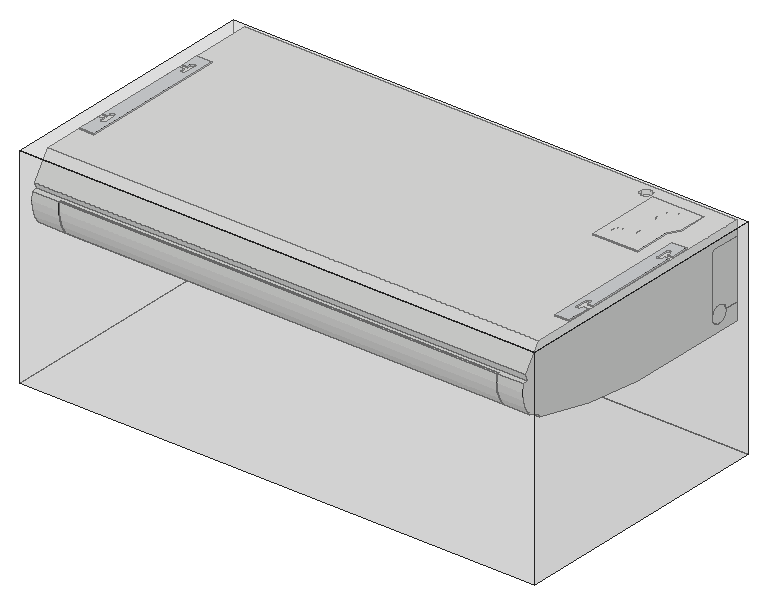
Revit family "outputfile", category 機械設備, Revit 2024
Family settings
  丸型コネクタ寸法 = 半径を使用
  パーツ タイプ = 標準
  OmniClass 番号 = 23.75.10.24.21.27.27
  OmniClass タイトル = Split System Air Conditioning Units
  作業面ベース = いいえ
  常に垂直 = はい
  ロード時にボイドで切り取り = いいえ
  注釈の向きを維持 = いいえ
  共有 = いいえ
  部屋計算ポイント = はい
Parameters (values of type "FHA71DVMG")
  製造元 = "Daikin"
  書き出し IFC クラス(タイプ) = "IfcUnitaryEquipmentType"
  定義済み IFC タイプ(タイプ) = "AIRCONDITIONINGUNIT"
  モデル = "FHA71DVMG"
  switch_frequency = yes
  r_Liquid Pipe Size = Liquid Pipe Size / 2  # 4.75 mm
  r_Gas Pipe Size = Gas Pipe Size / 2  # 7.95 mm
  r_Drain Pipe Size = Drain Pipe Size / 2  # 10.0 mm
  l_powersupply [instance] = if(Rear Right Connection_powersupply, 29.0 mm, 175.0 mm)  # 29.0 mm
  h_mountinghole = 2.0 mm
  connector_voltage = Voltage_50Hz  # 230 V
  connector_powerinput = [Power Input (Cooling)]  # 1.610 kW
  connector_phase = Phase_50Hz  # 1
  angle_vertical_powersupply [instance] = if(Rear Right Connection_powersupply, 90.00°, 180.00°)  # 90.00°
  angle_vertical_drainpipe [instance] = if(or(Left Connection_drainpipe, Right Connection_drainpipe), 90.00°, if(Top Connection_drainpipe, 180.00°, -90.00°))  # -90.00°
  angle_horizontal_powersupply [instance] = if(Rear Right Connection_powersupply, 180.00°, 0.00°)  # 180.00°
  angle_horizontal_drainpipe [instance] = if(Right Connection_drainpipe, 90.00°, if(Left Connection_drainpipe, -90.00°, 0.00°))  # 0.00°
  Voltage_comment_60Hz = "220-230"
  Voltage_comment_50Hz = "220-240"
  Voltage_60Hz = 220 V
  Voltage_50Hz = 230 V
  Top Connection_refrigerant [instance] = no
  Top Connection_powersupply [instance] = not(Rear Right Connection_powersupply)  # no
  Right Connection_refrigerant [instance] = no
  Rear Right Connection_refrigerant [instance] = yes
  Phase_60Hz = 1
  Phase_50Hz = 1
  Material_Casing = DAIKIN_White_Casing_indoorunit
  lw_powersupply [instance] = if(Rear Right Connection_powersupply, 220.0 mm, 210.0 mm)  # 220.0 mm
  lw_mountinghole_pitch = Width - 40.0 mm  # 1230.0 mm
  lw_mountinghole = 20.0 mm
  lw_liquidpipe [instance] = if(Right Connection_refrigerant, 156.0 mm, if(Top Connection_refrigerant, 156.0 mm, 136.0 mm))  # 136.0 mm
  lw_gaspipe = 105.0 mm
  lw_drainpipe [instance] = if(Top Connection_drainpipe, 102.0 mm, if(Width = 960.0 mm, if(or(Left Connection_drainpipe, Rear Left Connection_drainpipe), 884.0 mm, 83.0 mm), if(Width = 1270.0 mm, if(or(Left Connection_drainpipe, Rear Left Connection_drainpipe), 1194.0 mm, 83.0 mm), if(Width = 1590.0 mm, if(or(Left Connection_drainpipe, Rear Left Connection_drainpipe), 1514.0 mm, 83.0 mm), 83.0 mm))))  # 83.0 mm
  lh_powersupply = 175.0 mm
  lh_liquidpipe [instance] = if(Rear Right Connection_refrigerant, 160.0 mm, 131.0 mm)  # 160.0 mm
  lh_gaspipe [instance] = if(Rear Right Connection_refrigerant, 150.0 mm, 91.0 mm)  # 150.0 mm
  lh_drainpipe = 197.0 mm
  l_antena = 1.0 mm
  ld_powersupply = 30.0 mm
  ld_mountinghole_pitch = 260.0 mm
  ld_mountinghole = 210.0 mm
  ld_liquidpipe [instance] = if(Right Connection_refrigerant, 57.0 mm, if(Top Connection_refrigerant, 189.0 mm, 221.0 mm))  # 221.0 mm
  ld_gaspipe [instance] = if(Right Connection_refrigerant, 57.0 mm, if(Top Connection_refrigerant, 163.0 mm, 214.0 mm))  # 214.0 mm
  ld_drainpipe [instance] = if(or(Left Connection_drainpipe, Right Connection_drainpipe), 57.0 mm, if(Top Connection_drainpipe, 87.0 mm, 268.0 mm))  # 268.0 mm
  l_liquidpipe_length [instance] = if(Right Connection_refrigerant, 156.0 mm, if(Top Connection_refrigerant, 131.0 mm, 220.0 mm))  # 220.0 mm
  l_gaspipe_length [instance] = if(Right Connection_refrigerant, 105.0 mm, if(Top Connection_refrigerant, 91.0 mm, 213.0 mm))  # 213.0 mm
  l_drainpipe_length [instance] = if(Right Connection_drainpipe, 83.0 mm, if(Top Connection_drainpipe, 197.0 mm, if(Left Connection_drainpipe, 76.0 mm, 267.0 mm)))  # 267.0 mm
  h*** = 0.0 mm
  angle_vertical [instance] = if(Right Connection_refrigerant, 90.00°, if(Top Connection_refrigerant, 180.00°, -90.00°))  # -90.00°
  angle_horizontal [instance] = if(Right Connection_refrigerant, 90.00°, 0.00°)  # 0.00°
  Width = 1270.0 mm
  Version = "ver.1.0"
  Unit Type = "Ceiling"
  Unit Mass Weight = 32.00 kg
  Unit Designation [instance] = ""
  Uniclass2015Version = "Products v1.30"
  Uniclass2015Title = "Split coil room air conditioning units"
  Uniclass2015Code = "Pr_70_65_03_86"
  Total Cooling Capacity [instance] = 0.000 kW
  Top Connection_drainpipe [instance] = no
  Sound Pressure Level_M speed (dBA) = 36
  Sound Pressure Level_L speed (dBA) = 34
  Sound Pressure Level_H speed (dBA) = 38
  Series = "SkyAir_Fan Coil Unit"
  Sensible Cooling Capacity [instance] = 0.000 kW
  Rear Right Connection_drainpipe [instance] = yes
  Rear Right Connection_powersupply [instance] = yes
  Right Connection_drainpipe [instance] = no
  Refrigerant Type = "R32"
  Power Input (Cooling) = 1.610 kW
  Option Accessory 3 [instance] = ""
  Option Accessory 2 [instance] = ""
  Option Accessory 1 [instance] = ""
  Nominal Cooling Capacity = 6.600 kW
  Minimum Airflow = 840.00 m³/h
  Median Airflow = 1020.00 m³/h
  Maximum Airflow = 1230.00 m³/h
  Load Classification = HVAC
  Liquid Pipe Size = 9.5 mm
  Link_Nested Family [instance] = ""
  Rear Left Connection_drainpipe [instance] = no
  Left Connection_drainpipe [instance] = no
  IfcVersion = ""
  IfcExportType = "AIRCONDITIONINGUNIT"
  IfcExportAs = "IfcUnitaryEquipmentType"
  Height = 235.0 mm
  Heat Exchanger Type = "Cross Fin Coil"
  Gas Pipe Size = 15.9 mm
  Frequency_60Hz = 60 Hz
  Frequency_50Hz = 50 Hz
  Fan Type = "Sirocco Fan"
  Fan Drive = "Direct Drive"
  FCU Tag No. [instance] = ""
  Drain Pipe Size = 20.0 mm
  Design Supply Airflow [instance] = 0.00 m³/h
  Design Outdoor Airflow [instance] = 0.00 m³/h
  Depth = 690.0 mm
  既定の高さ = 0.0 mm
  Cooling Entering Wet Bulb Temperature [instance] = 0.00 °C
  Cooling Entering Dry Bulb Temperature [instance] = 0.00 °C
  Cooling Ambient Wet Bulb Temperature [instance] = 0.00 °C
  Cooling Ambient Dry Bulb Temperature [instance] = 0.00 °C
  Clearance visibility [instance] = yes
  Clearance Top = 5.0 mm
  Clearance Right = 30.0 mm
  Clearance Rear = 0.0 mm
  Clearance Left = 30.0 mm
  Clearance Front = 0.0 mm
  Clearance Bottom = 300.0 mm
Reference planes
  plane 1 "Back": y = 0
  plane 2: z = 0
  plane 3 "Center (Left/Right)": x = 0
  plane 4 "Center (Front/Back)": y = -1
  plane 5 "Front": y = -690
  plane 6 "Left": x = -635
  plane 7 "Right": x = 635
  plane 8 "Top": z = 0
  plane 9 "Bottom": z = -235
  plane 10: y = -690
  plane 11: x = -665
  plane 12: x = 665
  plane 13: z = 5
  plane 14: z = -535
  plane 15: y = 0
  plane 16 "lw_mountinghole": x = -615
  plane 17 "lw_mountinghole2": x = 615
  plane 18 "ld_mountinghole": y = -210
  plane 19 "ld_mountinghole2": y = -470
  plane 20 "lw_gaspipe": x = 530
  plane 21 "ld_gaspipe": y = -214
  plane 22 "lh_gaspipe": z = -150
  plane 23 "lw_liquidpipe": x = 499
  plane 24 "ld_liquidpipe": y = -221
  plane 25 "lh_liquidpipe": z = -160
  plane 26 "ld_drainpipe": y = -268
  plane 27 "lw_drainpipe": x = 552
  plane 28 "lh_drainpipe": z = -197
  plane 29 "lw_powersupply": x = 415
  plane 30 "lh_powersupply": z = -175
  plane 31 "ld_powersupply": y = -30
  plane 32: x = -565.5
  plane 33: x = 565.5
  plane 34: x = -590
  plane 35: x = 590
  plane 36: x = -2
  plane 37: x = 2
Forms (mm)
  Extrusion 1, solid, material "DAIKIN_White_Casing_indoorunit" <- "Material_Casing"
    sketch origin (0, 0, 0) x (0, 1, 0) y (0, 0, 1)
      loop
        line (-639.277, 0) -> (-680.876, -61.699) -> (-675.026, -77.772)
        arc (-675.026, -77.772) -> (-681.815, -78.743) -> (-688.601, -79.732) r 2634.132
        arc (-688.601, -79.732) -> (-687.018, -121.096) -> (-669.159, -158.439) r 102.2
        line (-669.159, -158.439) -> (-639.858, -169.325) -> (-635.895, -178.261)
        arc (-635.895, -178.261) -> (-479.121, -215.759) -> (-319.077, -235) r 1400.997
        line (-319.077, -235) -> (-1, -235) -> (-1, 0) -> (-639.277, 0)
    from -635 to 635
  Extrusion 2, solid, material "DAIKIN_White_Casing_indoorunit" <- "Material_Casing"
    sketch origin (0, 0, 0) x (0, 1, 0) y (0, 0, 1)
      loop
        arc (-688.601, -79.732) -> (-687.018, -121.096) -> (-669.159, -158.439) r 102.2
        line (-669.159, -158.439) -> (-665.589, -154.869)
        arc (-665.589, -154.869) -> (-682.432, -118.783) -> (-683.39, -78.971) r 97.2
        arc (-683.39, -78.971) -> (-685.996, -79.351) -> (-688.601, -79.732) r 2634.132
    from -565.5 to 565.5
  Extrusion 3, void
    sketch origin (0, 0, 0) x (0, 1, 0) y (0, 0, 1)
      loop
        line (-301.098, -235) -> (-21.098, -235) -> (-21.098, -230) -> (-301.098, -230) -> (-301.098, -235)
    from -590 to 590
  Extrusion 4, solid, material "DAIKIN_White_Grille_indoorunit"
    sketch origin (0, 0, 0) x (0, 1, 0) y (0, 0, 1)
      loop
        line (-20.098, -230) -> (-301.098, -230) -> (-301.098, -235) -> (-20.098, -235) -> (-20.098, -230)
    from -590 to -2
  Extrusion 5, solid, material "DAIKIN_White_Casing_indoorunit" <- "Material_Casing"
    sketch origin (0, 0, 0) x (1, 0, 0) y (0, 0, 1)
      loop
        line (442, -63) -> (442, -178) -> (513, -220) -> (576, -220) -> (576, -63) -> (442, -63)
    from 0 to 1
  Extrusion 6, solid, material "DAIKIN_White_Casing_indoorunit" <- "Material_Casing"
    sketch origin (0, 0, 0) x (-1, 0, 0) y (0, -1, 0)
      loop
        line (-447, 35) -> (-447, 230) -> (-563, 230) -> (-563, 135) -> (-578, 105) -> (-578, 35) -> (-447, 35)
    from 0 to 1.9
  Extrusion 7, void
    sketch origin (635, 0, 0) x (0, 1, 0) y (0, 0, 1)
      loop
        arc (-79.5, -195) -> (-55.446, -217.446) -> (-34.715, -191.9) r 22.5
        line (-34.715, -191.9) -> (-1, -191.9) -> (-1, -190.1) -> (-35.04, -190.1)
        arc (-35.04, -190.1) -> (-54.942, -172.594) -> (-77.7, -186.182) r 22.5
        line (-77.7, -186.182) -> (-77.7, -43)
        arc (-77.7, -43) -> (-76.528, -40.172) -> (-73.7, -39) r 4
        line (-73.7, -39) -> (-1, -39) -> (-1, -37.2) -> (-73.7, -37.2)
        arc (-73.7, -37.2) -> (-77.801, -38.899) -> (-79.5, -43) r 5.8
        line (-79.5, -43) -> (-79.5, -195)
      loop
        circle (-57, -195) r 20.7
    from 0 to -10
  Extrusion 8, void
    sketch origin (-1444.026, -1, 1200) x (1, 0, 0) y (0, 0, 1)
      loop
        arc (875.026, -1375) -> (864.42, -1379.393) -> (860.026, -1390) r 15
        line (860.026, -1390) -> (860.026, -1400)
        arc (860.026, -1400) -> (864.42, -1410.607) -> (875.026, -1415) r 15
        line (875.026, -1415) -> (905.026, -1415)
        arc (905.026, -1415) -> (915.633, -1410.607) -> (920.026, -1400) r 15
        line (920.026, -1400) -> (920.026, -1390)
        arc (920.026, -1390) -> (915.633, -1379.393) -> (905.026, -1375) r 15
        line (905.026, -1375) -> (875.026, -1375)
    from 0 to 10
  Extrusion 9, void
    sketch origin (-635, 0, 0) x (0, 1, 0) y (0, 0, 1)
      loop
        circle (-57, -197) r 22.5
    from 0 to 10
  Extrusion 10, void
    sketch origin (-1444.026, -1, 1200) x (1, 0, 0) y (0, 0, 1)
      loop
        circle (1976.026, -1375) r 44
    from 0 to 10
  Extrusion 11, void
    sketch origin (0, 0, 0) x (-1, 0, 0) y (0, -1, 0)
      loop
        circle (-533, 87) r 30
    from 0 to -10
  Extrusion 12, void
    sketch origin (0, 0, 0) x (-1, 0, 0) y (0, -1, 0)
      loop
        circle (-530, 163) r 18
    from 0 to -10
  Extrusion 13, void
    sketch origin (0, 0, 0) x (-1, 0, 0) y (0, -1, 0)
      loop
        circle (-479, 189) r 13
    from 0 to -10
  Extrusion 14, void
    sketch origin (-1444.026, -1, 1200) x (1, 0, 0) y (0, 0, 1)
      loop
        circle (1859.026, -1375) r 14.5
    from 0 to 10
  Extrusion 15, void
    sketch origin (0, 0, 0) x (-1, 0, 0) y (0, -1, 0)
      loop
        circle (-425, 30) r 14.5
    from 0 to -10
  Extrusion 16, void
    sketch origin (635, 0, 0) x (0, 1, 0) y (0, 0, 1)
      loop
        arc (-665.589, -154.869) -> (-682.432, -118.783) -> (-683.39, -78.971) r 97.2
        arc (-683.39, -78.971) -> (-685.996, -79.351) -> (-688.601, -79.732) r 2634.132
        arc (-688.601, -79.732) -> (-687.018, -121.096) -> (-669.159, -158.439) r 102.2
        line (-669.159, -158.439) -> (-665.589, -154.869)
    from -69.5 to -1200.5
  Extrusion 17, solid, material "DAIKIN_White_Casing_indoorunit" <- "Material_Casing"
    sketch origin (-635, 0, 0) x (0, 1, 0) y (0, 0, 1)
      loop
        circle (-57, -197) r 22.5
    from 0 to 10
  Extrusion 18, solid, material "DAIKIN_White_Grille_indoorunit"
    sketch origin (780, 0, 0) x (0, 1, 0) y (0, 0, 1)
      loop
        line (-20.098, -230) -> (-301.098, -230) -> (-301.098, -235) -> (-20.098, -235) -> (-20.098, -230)
    from -782 to -778
  Extrusion 19, solid, material "DAIKIN_White_Grille_indoorunit"
    sketch origin (0, 0, 0) x (0, 1, 0) y (0, 0, -1)
      loop
        line (-20.098, 230) -> (-20.098, 235) -> (-301.098, 235) -> (-301.098, 230) -> (-20.098, 230)
    from -590 to -2
Cuts and joins
  Extrusion 3, Extrusion 7, Extrusion 8, Extrusion 9, Extrusion 10, Extrusion 11, Extrusion 12, Extrusion 13, Extrusion 14, Extrusion 15, Extrusion 16 cuts Extrusion 1
Lines and regions (mm)
  reference lines
    curve 1: line (635, -580.282, -192.75) -> (635, -551.225, -200.21)
Dimensions and locks
  equal spacing: plane 6 "Left", plane 3 "Center (Left/Right)", plane 7 "Right"
  "Width": plane 6 "Left" to plane 7 "Right"
  "Depth": plane 5 "Front" to plane 1 "Back"
  "Height": plane 8 "Top" to plane 9 "Bottom"
  "Clearance Front": plane 10 to plane 5 "Front"
  "Clearance Left": plane 11 to plane 6 "Left"
  "Clearance Right": plane 7 "Right" to plane 12
  "Clearance Top": plane 13 to plane 8 "Top"
  "Clearance Bottom": plane 9 "Bottom" to plane 14
  "Clearance Rear": plane 1 "Back" to plane 15
  locked: plane 4 "Center (Front/Back)" to plane 1 "Back" at 1
  locked: Extrusion 1 sketch curve to Extrusion 1 sketch curve at 235
  locked: Extrusion 1 sketch curve to Extrusion 1 sketch curve at 318.077
  locked: Extrusion 1 sketch curve to Extrusion 1 sketch curve at 1163.297
  locked: Extrusion 1 sketch curve to Extrusion 1 sketch curve at 231.144
  Extrusion 3 sketch curve to Extrusion 3 sketch curve to plane 1 "Back" = 280.0 mm locked, 21.098 mm locked
  "ld_mountinghole": plane 18 "ld_mountinghole" to plane 1 "Back"
  "ld_mountinghole_pitch": plane 18 "ld_mountinghole" to plane 19 "ld_mountinghole2"
  "lw_mountinghole_pitch": plane 16 "lw_mountinghole" to plane 17 "lw_mountinghole2"
  "lw_mountinghole": plane 6 "Left" to plane 16 "lw_mountinghole"
  "lw_gaspipe": plane 20 "lw_gaspipe" to plane 7 "Right"
  "ld_gaspipe": plane 1 "Back" to plane 21 "ld_gaspipe"
  "lw_liquidpipe": plane 23 "lw_liquidpipe" to plane 7 "Right"
  "ld_liquidpipe": plane 1 "Back" to plane 24 "ld_liquidpipe"
  "lw_drainpipe": plane 27 "lw_drainpipe" to plane 7 "Right"
  "ld_drainpipe": plane 26 "ld_drainpipe" to plane 1 "Back"
  plane 8 "Top" to Extrusion 5 sketch curve to Extrusion 5 sketch curve = 63.0 mm locked, 157.0 mm locked
  plane 7 "Right" to Extrusion 5 sketch curve to Extrusion 5 sketch curve = 59.0 mm locked, 134.0 mm locked
  locked: Extrusion 5 sketch curve to Extrusion 5 sketch curve at 115
  locked: Extrusion 5 sketch curve to Extrusion 5 sketch curve at 63
  locked: Extrusion 6 sketch curve to Extrusion 6 sketch curve at 195
  locked: Extrusion 6 sketch curve to Extrusion 6 sketch curve at 116
  locked: Extrusion 6 sketch curve to Extrusion 6 sketch curve at 131
  locked: Extrusion 6 sketch curve to Extrusion 6 sketch curve at 100
  locked: Extrusion 6 sketch curve to plane 1 "Back" at 35
  locked: Extrusion 6 sketch curve to plane 7 "Right" at 57
  locked: Extrusion 8 sketch curve to Extrusion 8 sketch curve at 40
  locked: Extrusion 8 sketch curve to Extrusion 8 sketch curve at 60
  locked: plane 8 "Top" to Extrusion 8 sketch curve at 175
  locked: Extrusion 8 sketch curve to plane 6 "Left" at 51
  locked: plane 7 "Right" to Extrusion 10 sketch curve at 103
  locked: plane 8 "Top" to Extrusion 10 sketch curve at 175
  locked: Extrusion 11 sketch curve to plane 1 "Back" at 87
  locked: Extrusion 11 sketch curve to plane 7 "Right" at 102
  locked: Extrusion 12 sketch curve to plane 1 "Back" at 163
  locked: Extrusion 12 sketch curve to plane 7 "Right" at 105
  locked: Extrusion 13 sketch curve to plane 1 "Back" at 189
  locked: Extrusion 13 sketch curve to plane 7 "Right" at 156
  "lw_powersupply": plane 29 "lw_powersupply" to plane 7 "Right"
  "lh_gaspipe": plane 8 "Top" to plane 22 "lh_gaspipe"
  "lh_liquidpipe": plane 8 "Top" to plane 25 "lh_liquidpipe"
  "lh_powersupply": plane 8 "Top" to plane 30 "lh_powersupply"
  "lh_drainpipe": plane 8 "Top" to plane 28 "lh_drainpipe"
  "ld_powersupply": plane 1 "Back" to plane 31 "ld_powersupply"
  locked: plane 8 "Top" to Extrusion 7 sketch curve at 195
  locked: Extrusion 7 sketch curve to plane 1 "Back" at 57
  locked: plane 9 "Bottom" to Extrusion 7 sketch curve at 43.1
  locked: Extrusion 7 sketch curve to plane 8 "Top" at 39
  locked: Extrusion 7 sketch curve to plane 1 "Back" at 79.5
  locked: Extrusion 9 sketch curve to plane 1 "Back" at 57
  locked: plane 8 "Top" to Extrusion 9 sketch curve at 197
  locked: Extrusion 17 sketch curve to plane 1 "Back" at 57
  locked: plane 8 "Top" to Extrusion 17 sketch curve at 197
  locked: plane 7 "Right" to Extrusion 14 sketch curve at 220
  locked: plane 8 "Top" to Extrusion 14 sketch curve at 175
  locked: Extrusion 15 sketch curve to plane 7 "Right" at 210
  locked: Extrusion 15 sketch curve to plane 1 "Back" at 30
  locked: curve 1 to plane 9 "Bottom" at 34.79
  locked: curve 1 to plane 9 "Bottom" at 42.25
  locked: plane 6 "Left" to plane 32 at 69.5
  locked: plane 33 to plane 7 "Right" at 69.5
  locked: plane 35 to plane 7 "Right" at 45
  locked: plane 6 "Left" to plane 34 at 45
  plane 36 to plane 3 "Center (Left/Right)" to plane 37 = 2.0 mm locked, 2.0 mm locked
  locked: curve 1 to plane 9 "Bottom" (angle 14.40°)
  aligned and locked: level to plane 2
  aligned and locked: nested 1 to plane 11
  aligned and locked: nested 1 to plane 12
  aligned and locked: nested 1 to plane 10
  aligned and locked: plane 13 to nested 1
  aligned and locked: plane 14 to nested 1
  aligned and locked: plane 15 to nested 1
  aligned and locked: Extrusion 1 sketch curve to plane 8 "Top"
  aligned and locked: Extrusion 2 sketch curve to Extrusion 1  (x2)
  aligned and locked: plane 7 "Right" to Extrusion 1
  aligned and locked: Extrusion 1 to plane 6 "Left"
  aligned and locked: cut or joined group 1 (Extrusion 1, Extrusion 3, Extrusion 7, Extrusion 8, Extrusion 9, Extrusion 10, Extrusion 11, Extrusion 12, Extrusion 13, Extrusion 14, Extrusion 15, Extrusion 16) to Extrusion 3 sketch curve
  aligned and locked: cut or joined group 1 to Extrusion 4 sketch curve
  aligned and locked: Extrusion 5 to plane 4 "Center (Front/Back)"
  aligned and locked: Extrusion 7 sketch curve to plane 4 "Center (Front/Back)"
  aligned and locked: Extrusion 16 sketch curve to Extrusion 2  (x4)
  aligned and locked: Extrusion 16 to Extrusion 2  (x2)
  aligned and locked: nested 2 to plane 26 "ld_drainpipe"
  aligned and locked: plane 27 "lw_drainpipe" to nested 2
  aligned and locked: plane 20 "lw_gaspipe" to nested 3
  aligned and locked: nested 3 to plane 21 "ld_gaspipe"
  aligned and locked: plane 23 "lw_liquidpipe" to nested 4
  aligned and locked: nested 4 to plane 24 "ld_liquidpipe"
  aligned and locked: plane 25 "lh_liquidpipe" to nested 4
  aligned and locked: nested 5 to plane 31 "ld_powersupply"
  aligned and locked: plane 29 "lw_powersupply" to nested 5
  aligned and locked: nested 7 to plane 18 "ld_mountinghole"
  aligned and locked: plane 16 "lw_mountinghole" to nested 7
  aligned and locked: nested 6 to plane 19 "ld_mountinghole2"
  aligned and locked: plane 16 "lw_mountinghole" to nested 6
  aligned and locked: nested 9 to plane 18 "ld_mountinghole"
  aligned and locked: plane 17 "lw_mountinghole2" to nested 9
  aligned and locked: plane 17 "lw_mountinghole2" to nested 8
  aligned and locked: nested 8 to plane 19 "ld_mountinghole2"
  aligned and locked: nested 10 to curve 1
  aligned and locked: level to plane 8 "Top"
  aligned and locked: cut or joined group 1 to plane 32
  aligned and locked: plane 33 to cut or joined group 1
  aligned and locked: Extrusion 16 to plane 32
  aligned and locked: plane 33 to Extrusion 16
  aligned and locked: Extrusion 4 to plane 34
  aligned and locked: cut or joined group 1 to plane 34
  aligned and locked: plane 34 to Extrusion 4  (x3)
  aligned and locked: plane 16 "lw_mountinghole" to nested 11
  aligned and locked: plane 17 "lw_mountinghole2" to nested 12
  aligned and locked: plane 36 to Extrusion 4
  aligned and locked: Extrusion 18 to plane 36
  aligned and locked: plane 37 to Extrusion 18
  aligned and locked: Extrusion 19 to plane 37
  aligned and locked: plane 37 to Extrusion 19
  aligned and locked: plane 35 to Extrusion 19
  aligned and locked: plane 35 to Extrusion 3
  aligned and locked: Extrusion 4 to cut or joined group 1
  aligned and locked: cut or joined group 1 to Extrusion 18
  aligned and locked: cut or joined group 1 to Extrusion 19
Automatic sketch dimensions
  Extrusion 1 sketch curve to plane 4 "Center (Front/Back)" = 0.0 mm
  Extrusion 1 sketch curve to plane 5 "Front" = 102.2 mm
  Extrusion 1 sketch curve to plane 30 "lh_powersupply" = 3.261 mm
  Extrusion 1 sketch curve to plane 5 "Front" = 50.723 mm
  plane 30 "lh_powersupply" to Extrusion 1 sketch curve = 5.675 mm
  Extrusion 1 sketch curve to Extrusion 1 sketch curve = 3.963 mm
  plane 25 "lh_liquidpipe" to Extrusion 1 sketch curve = 1.561 mm
  Extrusion 1 sketch curve to plane 5 "Front" = 20.841 mm
  Extrusion 1 sketch curve to plane 5 "Front" = 14.974 mm
  Extrusion 1 sketch curve to plane 5 "Front" = 9.124 mm
  Extrusion 1 sketch curve to plane 26 "ld_drainpipe" = 37.278 mm
  Extrusion 1 sketch curve to plane 14 = 2150.825 mm
  plane 22 "lh_gaspipe" to Extrusion 1 sketch curve = 53.413 mm
  Extrusion 1 sketch curve to level = 77.772 mm
  Extrusion 1 sketch curve to Extrusion 1 sketch curve = 16.072 mm
  Extrusion 2 sketch curve to Extrusion 2 sketch curve = 0.0 mm  (x2)
  plane 25 "lh_liquidpipe" to Extrusion 2 sketch curve = 1.561 mm
  Extrusion 2 sketch curve to plane 22 "lh_gaspipe" = 4.869 mm
  Extrusion 2 sketch curve to Extrusion 2 sketch curve = 3.57 mm
  Extrusion 3 sketch curve to Extrusion 3 sketch curve = 5.0 mm
  plane 31 "ld_powersupply" to Extrusion 4 sketch curve = 9.902 mm
  Extrusion 4 sketch curve to Extrusion 4 sketch curve = 5.0 mm
  Extrusion 6 sketch curve to Extrusion 6 sketch curve = 30.0 mm
  Extrusion 7 sketch curve to Extrusion 7 sketch curve = 0.0 mm  (x6)
  Extrusion 7 sketch curve to plane 4 "Center (Front/Back)" = 0.0 mm  (x2)
  Extrusion 7 sketch curve to Extrusion 7 sketch curve = 1.8 mm  (x2)
  Extrusion 7 sketch curve to Extrusion 7 sketch curve = 4.0 mm
  Extrusion 7 sketch curve to Extrusion 7 sketch curve = 0.325 mm
  Extrusion 8 sketch curve to plane 32 = 3.5 mm  (x2)
  Extrusion 8 sketch curve to plane 28 "lh_drainpipe" = 3.0 mm
  Extrusion 8 sketch curve to Extrusion 8 sketch curve = 15.0 mm
  curve 1 to plane 5 "Front" = 109.718 mm
  Extrusion 18 sketch curve to plane 9 "Bottom" = 0.0 mm
  plane 9 "Bottom" to Extrusion 18 sketch curve = 5.0 mm
  Extrusion 18 sketch curve to plane 26 "ld_drainpipe" = 33.098 mm
  plane 31 "ld_powersupply" to Extrusion 18 sketch curve = 9.902 mm
  Extrusion 19 sketch curve to plane 9 "Bottom" = 0.0 mm
  plane 9 "Bottom" to Extrusion 19 sketch curve = 5.0 mm
  Extrusion 19 sketch curve to plane 26 "ld_drainpipe" = 33.098 mm
  plane 31 "ld_powersupply" to Extrusion 19 sketch curve = 9.902 mm
  Extrusion 4 sketch curve to plane 26 "ld_drainpipe" = 33.098 mm
  radius of Extrusion 7 sketch curve = 20.7 mm
  radius of Extrusion 9 sketch curve = 22.5 mm
  radius of Extrusion 10 sketch curve = 44.0 mm
  radius of Extrusion 11 sketch curve = 30.0 mm
  radius of Extrusion 12 sketch curve = 18.0 mm
  radius of Extrusion 13 sketch curve = 13.0 mm
  radius of Extrusion 14 sketch curve = 14.5 mm
  radius of Extrusion 15 sketch curve = 14.5 mm
  radius of Extrusion 17 sketch curve = 22.5 mm
Nested families
  nested 1: "daikin_clearancespace" at (0, -345, -264.881), visible <- "Clearance visibility", show <- "Clearance visibility", Link_Nested Family <- "Link_Nested Family", type "daikin_clearancespace"
    with width 1330.0 mm, show yes, height 540.0 mm, depth 690.0 mm, Link_Nested Family ""
  nested 2: "daikin_connector_rotate3" at (552, -268, -197), radius <- "r_Drain Pipe Size", angle_vertical <- "angle_vertical_drainpipe", angle_horizontal <- "angle_horizontal_drainpipe", length <- "l_drainpipe_length", type "daikin_connector_rotate3"
    with show no, radius 10.0 mm, length 267.0 mm, angle_vertical -90.00°, angle_horizontal 0.00°
  nested 3: "daikin_connector_rotate3" at (530, -214, -150), radius <- "r_Gas Pipe Size", angle_vertical <- "angle_vertical", angle_horizontal <- "angle_horizontal", length <- "l_gaspipe_length", type "daikin_connector_rotate3"
    with show no, radius 7.95 mm, length 213.0 mm, angle_vertical -90.00°, angle_horizontal 0.00°
  nested 4: "daikin_connector_rotate3" at (499, -221, -160), radius <- "r_Liquid Pipe Size", angle_vertical <- "angle_vertical", angle_horizontal <- "angle_horizontal", length <- "l_liquidpipe_length", type "daikin_connector_rotate3"
    with show no, radius 4.75 mm, length 220.0 mm, angle_vertical -90.00°, angle_horizontal 0.00°
  nested 5: "daikin_connector_rotate3" at (415, -30, -175), length <- "l_powersupply", angle_vertical <- "angle_vertical_powersupply", angle_horizontal <- "angle_horizontal_powersupply", type "daikin_connector_rotate3"
    with show no, radius 10.0 mm, length 29.0 mm, angle_vertical 90.00°, angle_horizontal 180.00°
  nested 6: "daikin_mountinghole" at (-615, -470, 0), l_antenna <- "l_antena", Link_Nested Family <- "Link_Nested Family", h_mountinghole <- "h_mountinghole", type "daikin_mountinghole"
    with show yes, l_antenna 1.0 mm, h_mountinghole 2.0 mm, Link_Nested Family ""
  nested 7: "daikin_mountinghole" at (-615, -210, 0), l_antenna <- "l_antena", Link_Nested Family <- "Link_Nested Family", h_mountinghole <- "h_mountinghole", type "daikin_mountinghole"
    with show yes, l_antenna 1.0 mm, h_mountinghole 2.0 mm, Link_Nested Family ""
  nested 8: "daikin_mountinghole" at (615, -470, 0), l_antenna <- "l_antena", Link_Nested Family <- "Link_Nested Family", h_mountinghole <- "h_mountinghole", type "daikin_mountinghole"
    with show yes, l_antenna 1.0 mm, h_mountinghole 2.0 mm, Link_Nested Family ""
  nested 9: "daikin_mountinghole" at (615, -210, 0), Link_Nested Family <- "Link_Nested Family", l_antenna <- "l_antena", h_mountinghole <- "h_mountinghole", type "daikin_mountinghole"
    with show yes, l_antenna 1.0 mm, h_mountinghole 2.0 mm, Link_Nested Family ""
  nested 10: "daikin_logo_plane_w40" at (487.963, -559.801, -198.008) x (1, 0, 0) z (0, -0.2487, -0.9686), type "daikin_logo_plane_w40"
    with show_logo yes
  nested 11: "daikin_hangerfixture_FHA-DVMG" at (-615, 0, 0), type "daikin_hangerfixture_FHA-DVMG"
    with width 38.0 mm, height 2.0 mm, depth 380.0 mm
  nested 12: "daikin_hangerfixture_FHA-DVMG" at (615, 0, 0) x (-1, 0, 0) z (0, 0, 1), type "daikin_hangerfixture_FHA-DVMG"
    with width 38.0 mm, height 2.0 mm, depth 380.0 mm
Connectors
  piping at (552, -1, -197), diameter 20, driven by "r_Drain Pipe Size"
    settings: on nested 2, index 1, connector inside diameter 609.6 mm, connector length 0.0 mm, flow factor 0, pipe flow 0.00 m³/h, pressure drop 0.0 Pa, fitting loss kfactor 0, connector angle 0.00°, fixture units 0, engagement length 0.0 mm, angle of deflection 0.00°, flow configuration 1, flow direction 2, fitting loss method 4, system type 16, joint type 0, gender type 0, connector reference index -1, connector utility 0, adjustable connector no, is connector primary yes, connector description "Condensate Drain Piping"
  piping at (530, -1, -150), diameter 15.9, driven by "r_Gas Pipe Size"
    settings: on nested 3, index 3, connector inside diameter 609.6 mm, connector length 0.0 mm, flow factor 0, pipe flow 0.00 m³/h, pressure drop 0.0 Pa, fitting loss kfactor 0, connector angle 0.00°, fixture units 0, engagement length 0.0 mm, angle of deflection 0.00°, flow configuration 1, flow direction 2, fitting loss method 0, system type 29, joint type 0, gender type 0, connector reference index -1, connector utility 0, adjustable connector no, is connector primary no, connector description "Refrigerant Gas Piping"
  piping at (499, -1, -160), diameter 9.5, driven by "r_Liquid Pipe Size"
    settings: on nested 4, index 4, connector inside diameter 609.6 mm, connector length 0.0 mm, flow factor 0, pipe flow 0.00 m³/h, pressure drop 0.0 Pa, fitting loss kfactor 0, connector angle 0.00°, fixture units 0, engagement length 0.0 mm, angle of deflection 0.00°, flow configuration 1, flow direction 1, fitting loss method 0, system type 29, joint type 0, gender type 0, connector reference index -1, connector utility 0, adjustable connector no, is connector primary no, connector description "Refrigerant Liquid Piping"
  electrical at (415, -1, -175), driven by "Load Classification", driven by "connector_powerinput", driven by "connector_phase", driven by "connector_voltage"
    settings: on nested 5, index 6, voltage 230 V, apparent load 1610 VA, apparent load phase1 0 VA, apparent load phase2 0 VA, apparent load phase3 0 VA, power factor 1, load classification "HVAC", number of poles 1, system type 30, power factor state 1, is connector primary yes, connector utility no, sub classification motor no, connector description "Power Supply"
Definition of nested family "daikin_clearancespace"
  Parameters (values of type "daikin_clearancespace")
    Description = "daikin_clearancespace"
    width [instance] = 1823.963 mm
    show [instance] = yes
    material = none
    height [instance] = 1359.762 mm
    depth [instance] = 880.0 mm
    Default Elevation = 0.0 mm
    Link_Nested Family [instance] = ""
  Reference planes
    plane 1 "Center (Front/Back)": y = 0
    plane 2 "Center (Elevation)": z = -0.119
    plane 3 "Center (Left/Right)": x = 0
    plane 4: y = 440
    plane 5: y = -440
    plane 6 "Right": x = 911.982
    plane 7 "Left": x = -911.982
    plane 8 "Top": z = 679.762
    plane 9 "Bottom": z = -680
  Forms (mm)
    Extrusion 1, solid, material <- "material", visible <- "show"
      sketch origin (0, 0, 0) x (1, 0, 0) y (0, 1, 0)
        loop
          line (-911.982, 440) -> (-911.982, -440) -> (911.982, -440) -> (911.982, 440) -> (-911.982, 440)
      from -680 to 679.762
  Lines and regions (mm)
    symbolic lines, visible <- "show"
      curve 1: line (911.982, 440, 0) -> (-911.982, 440, 0)
      curve 2: line (-911.982, 440, 0) -> (-911.982, -440, 0)
      curve 3: line (-911.982, -440, 0) -> (911.982, -440, 0)
      curve 4: line (911.982, -440, 0) -> (911.982, 440, 0)
      curve 5: line (911.982, 0, 679.762) -> (-911.982, 0, 679.762)
      curve 6: line (911.982, 0, -680) -> (911.982, 0, 679.762)
      curve 7: line (-911.982, 0, -680) -> (911.982, 0, -680)
      curve 8: line (-911.982, 0, 679.762) -> (-911.982, 0, -680)
      curve 9: line (0, 440, 679.762) -> (0, -440, 679.762)
      curve 10: line (0, -440, 679.762) -> (0, -440, -680)
      curve 11: line (0, 440, -680) -> (0, 440, 679.762)
      curve 12: line (0, -440, -680) -> (0, 440, -680)
  Dimensions and locks
    "width": plane 7 "Left" to plane 6 "Right"
    "depth": plane 4 to plane 5
    "height": plane 8 "Top" to plane 9 "Bottom"
    equal spacing: plane 7 "Left", plane 3 "Center (Left/Right)", plane 6 "Right"
    equal spacing: plane 4, plane 1 "Center (Front/Back)", plane 5
    equal spacing: plane 8 "Top", plane 2 "Center (Elevation)", plane 9 "Bottom"
    aligned and locked: level to plane 2 "Center (Elevation)"
    aligned and locked: Extrusion 1 sketch curve to plane 4
    aligned and locked: plane 7 "Left" to Extrusion 1 sketch curve
    aligned and locked: Extrusion 1 sketch curve to plane 5
    aligned and locked: Extrusion 1 sketch curve to plane 6 "Right"
    aligned and locked: plane 8 "Top" to Extrusion 1
    aligned and locked: curve 1 to Extrusion 1
    aligned and locked: curve 2 to Extrusion 1
    aligned and locked: curve 3 to Extrusion 1
    aligned and locked: curve 4 to Extrusion 1
    aligned and locked: curve 5 to Extrusion 1
    aligned and locked: curve 6 to Extrusion 1
    aligned and locked: curve 7 to Extrusion 1
    aligned and locked: curve 8 to Extrusion 1
    aligned and locked: curve 9 to Extrusion 1
    aligned and locked: curve 10 to Extrusion 1
    aligned and locked: curve 11 to Extrusion 1
    aligned and locked: curve 12 to Extrusion 1
    aligned and locked: Extrusion 1 to plane 9 "Bottom"
Definition of nested family "daikin_logo_plane_w40"
  Parameters (values of type "daikin_logo_plane_w40")
    width = 40.0 mm
    show_logo [instance] = yes
    material = none
    height = 0.0 mm
    depth = 0.0 mm
    Default Elevation = 1219.2 mm
  Reference planes
    plane 1 "Center (Front/Back)": y = 0
    plane 2: z = 0
    plane 3 "Center (Left/Right)": x = 0
    plane 4: z = 2
    plane 5 "left": x = -19
    plane 6: x = 19
  Forms (mm)
    Extrusion 1, solid, visible <- "show_logo"
      sketch origin (-19, 0, 0) x (1, 0, 0) y (0, 1, 0)
        loop
          line (8.902, -1.878) -> (7.789, -6.332) -> (11.13, -6.332)
          arc (11.13, -6.332) -> (12.454, -6.064) -> (13.472, -5.176) r 2.642
          arc (13.472, -5.176) -> (13.92, -4.02) -> (13.767, -2.79) r 2.537
          arc (13.767, -2.79) -> (13.452, -2.342) -> (12.982, -2.06) r 1.321
          arc (12.982, -2.06) -> (12.063, -1.902) -> (11.13, -1.878) r 6.479
          line (11.13, -1.878) -> (8.902, -1.878)
        loop
          line (10.016, -5.441) -> (10.907, -5.441)
          arc (10.907, -5.441) -> (11.591, -4.983) -> (11.988, -4.261) r 1.742
          spline (11.988, -4.261) -> (12.01, -4.155) -> (12.027, -4.03) -> (12.037, -3.893) -> (12.037, -3.747) -> (12.026, -3.598) -> (12.002, -3.451) -> (11.962, -3.31) -> (11.905, -3.181) -> (11.829, -3.069) -> (11.731, -2.978) -> (11.61, -2.913) -> (11.464, -2.88)
          line (11.464, -2.88) -> (10.573, -2.88) -> (10.016, -5.441)
        loop
          line (13.58, -6.332) -> (14.805, -6.332) -> (15.223, -5.553) -> (16.977, -5.553) -> (17.144, -6.332) -> (19.149, -6.332) -> (18.258, -1.878) -> (16.03, -1.878) -> (13.58, -6.332)
        loop
          line (16.476, -3.214) -> (15.76, -4.551) -> (16.762, -4.551) -> (16.476, -3.214)
        loop
          line (19.705, -6.332) -> (21.599, -6.332) -> (22.712, -1.878) -> (20.819, -1.878) -> (19.705, -6.332)
        loop
          line (22.712, -6.332) -> (24.606, -6.332) -> (24.908, -5.122) -> (25.831, -6.332) -> (28.17, -6.332) -> (26.388, -3.994) -> (28.949, -1.878) -> (26.945, -1.878) -> (25.401, -3.153) -> (25.719, -1.878) -> (23.826, -1.878) -> (22.712, -6.332)
        loop
          line (29.84, -1.878) -> (28.615, -6.332) -> (30.62, -6.332) -> (31.734, -1.878) -> (29.84, -1.878)
        loop
          line (31.734, -6.332) -> (33.07, -6.332) -> (33.7, -3.814) -> (34.518, -6.332) -> (36.745, -6.332) -> (37.859, -1.878) -> (36.523, -1.878) -> (35.845, -4.589) -> (34.963, -1.878) -> (32.847, -1.878) -> (31.734, -6.332)
      from 0 to 2
    Extrusion 2, solid, visible <- "show_logo"
      sketch origin (-19, 0, 0) x (1, 0, 0) y (0, 1, 0)
        loop
          line (8.7, 0) -> (4.235, 0) -> (0, -3.879) -> (0, -8) -> (8.7, 0)
      from 0 to 2
    Extrusion 3, solid, visible <- "show_logo"
      sketch origin (-19, 0, 0) x (1, 0, 0) y (0, 1, 0)
        loop
          line (0, 0) -> (0, -3.879) -> (4.235, 0) -> (0, 0)
      from 0 to 2
  Dimensions and locks
    plane 4 to plane 2 = 2.0 mm
    equal spacing: plane 5 "left", plane 3 "Center (Left/Right)", plane 6
    locked: plane 5 "left" to plane 6 at 38
    aligned and locked: level to plane 2
    aligned and locked: Extrusion 3 to plane 1 "Center (Front/Back)"  (x2)
    aligned and locked: Extrusion 2 to plane 1 "Center (Front/Back)"  (x2)
    aligned and locked: plane 4 to Extrusion 1
    aligned and locked: plane 4 to Extrusion 3
    aligned and locked: plane 4 to Extrusion 2
    aligned and locked: Extrusion 3 to plane 5 "left"
    aligned and locked: Extrusion 2 to plane 5 "left"
  Automatic sketch dimensions
    Extrusion 1 sketch curve to Extrusion 1 sketch curve = 0.901 mm
    Extrusion 1 sketch curve to Extrusion 1 sketch curve = 1.559 mm
    Extrusion 1 sketch curve to Extrusion 1 sketch curve = 1.327 mm
    Extrusion 1 sketch curve to Extrusion 1 sketch curve = 2.145 mm
    Extrusion 1 sketch curve to Extrusion 1 sketch curve = 1.448 mm
    Extrusion 1 sketch curve to Extrusion 1 sketch curve = 2.116 mm
    Extrusion 1 sketch curve to Extrusion 1 sketch curve = 1.114 mm  (x4)
    Extrusion 1 sketch curve to Extrusion 1 sketch curve = 1.336 mm  (x2)
    plane 1 "Center (Front/Back)" to Extrusion 1 sketch curve = 1.878 mm  (x5)
    Extrusion 1 sketch curve to Extrusion 1 sketch curve = 1.893 mm  (x5)
    Extrusion 1 sketch curve to Extrusion 1 sketch curve = 0.891 mm  (x4)
    Extrusion 1 sketch curve to Extrusion 1 sketch curve = 2.005 mm  (x3)
    Extrusion 1 sketch curve to Extrusion 1 sketch curve = 0.445 mm  (x2)
    plane 1 "Center (Front/Back)" to Extrusion 1 sketch curve = 3.994 mm
    Extrusion 1 sketch curve to Extrusion 1 sketch curve = 0.557 mm  (x2)
    Extrusion 1 sketch curve to Extrusion 1 sketch curve = 2.339 mm  (x2)
    Extrusion 1 sketch curve to Extrusion 1 sketch curve = 1.225 mm  (x3)
    plane 1 "Center (Front/Back)" to Extrusion 1 sketch curve = 3.153 mm
    Extrusion 1 sketch curve to Extrusion 1 sketch curve = 0.987 mm
    plane 1 "Center (Front/Back)" to Extrusion 1 sketch curve = 5.122 mm
    Extrusion 1 sketch curve to Extrusion 1 sketch curve = 0.922 mm
    plane 1 "Center (Front/Back)" to Extrusion 1 sketch curve = 6.332 mm
    Extrusion 1 sketch curve to Extrusion 1 sketch curve = 2.562 mm
    plane 1 "Center (Front/Back)" to Extrusion 1 sketch curve = 5.553 mm
    Extrusion 1 sketch curve to Extrusion 1 sketch curve = 0.167 mm
    Extrusion 1 sketch curve to Extrusion 1 sketch curve = 0.215 mm
    plane 1 "Center (Front/Back)" to Extrusion 1 sketch curve = 3.214 mm
    Extrusion 1 sketch curve to Extrusion 1 sketch curve = 0.286 mm
    plane 1 "Center (Front/Back)" to Extrusion 1 sketch curve = 4.551 mm
    Extrusion 1 sketch curve to Extrusion 1 sketch curve = 1.002 mm
    Extrusion 1 sketch curve to Extrusion 1 sketch curve = 0.537 mm
    Extrusion 1 sketch curve to Extrusion 1 sketch curve = 0.418 mm
    Extrusion 1 sketch curve to Extrusion 1 sketch curve = 1.028 mm
    plane 1 "Center (Front/Back)" to Extrusion 1 sketch curve = 4.261 mm
    Extrusion 1 sketch curve to Extrusion 1 sketch curve = 0.563 mm
    plane 1 "Center (Front/Back)" to Extrusion 1 sketch curve = 2.88 mm
    Extrusion 1 sketch curve to Extrusion 1 sketch curve = 1.088 mm
    Extrusion 1 sketch curve to Extrusion 1 sketch curve = 2.152 mm
    Extrusion 1 sketch curve to Extrusion 1 sketch curve = 0.586 mm
    Extrusion 1 sketch curve to Extrusion 1 sketch curve = 0.118 mm
    Extrusion 1 sketch curve to Extrusion 1 sketch curve = 0.298 mm
    Extrusion 1 sketch curve to Extrusion 1 sketch curve = 0.334 mm
    Extrusion 1 sketch curve to Extrusion 1 sketch curve = 0.223 mm
    Extrusion 1 sketch curve to Extrusion 1 sketch curve = 0.266 mm
    Extrusion 1 sketch curve to Extrusion 1 sketch curve = 1.671 mm
    Extrusion 1 sketch curve to Extrusion 1 sketch curve = 2.227 mm
    Extrusion 1 sketch curve to Extrusion 1 sketch curve = 0.0 mm  (x7)
    Extrusion 1 sketch curve to Extrusion 1 sketch curve = 3.453 mm
    Extrusion 1 sketch curve to Extrusion 1 sketch curve = 2.017 mm
    Extrusion 1 sketch curve to Extrusion 1 sketch curve = 0.78 mm  (x2)
    Extrusion 1 sketch curve to Extrusion 1 sketch curve = 1.743 mm
    Extrusion 1 sketch curve to Extrusion 1 sketch curve = 0.775 mm
    Extrusion 1 sketch curve to Extrusion 1 sketch curve = 0.552 mm
    Extrusion 1 sketch curve to Extrusion 1 sketch curve = 0.014 mm
    Extrusion 1 sketch curve to Extrusion 1 sketch curve = 0.952 mm
    Extrusion 1 sketch curve to Extrusion 1 sketch curve = 1.215 mm
    Extrusion 1 sketch curve to Extrusion 1 sketch curve = 0.108 mm
    plane 1 "Center (Front/Back)" to Extrusion 2 sketch curve = 0.0 mm
    Extrusion 2 sketch curve to plane 3 "Center (Left/Right)" = 19.0 mm
    Extrusion 2 sketch curve to plane 3 "Center (Left/Right)" = 14.765 mm
    Extrusion 2 sketch curve to Extrusion 2 sketch curve = 4.465 mm
    plane 1 "Center (Front/Back)" to Extrusion 2 sketch curve = 3.879 mm
    Extrusion 2 sketch curve to Extrusion 2 sketch curve = 4.12 mm
    plane 1 "Center (Front/Back)" to Extrusion 3 sketch curve = 0.0 mm
    Extrusion 3 sketch curve to plane 3 "Center (Left/Right)" = 19.0 mm
    Extrusion 3 sketch curve to plane 3 "Center (Left/Right)" = 14.765 mm
    plane 1 "Center (Front/Back)" to Extrusion 3 sketch curve = 3.879 mm
    Extrusion 1 sketch curve to plane 3 "Center (Left/Right)" = 11.211 mm
    Extrusion 1 sketch curve to Extrusion 1 sketch curve = 1.782 mm
Definition of nested family "daikin_hangerfixture_FHA-DVMG"
  Parameters (values of type "daikin_hangerfixture_FHA-CV2S")
    width = 44.0 mm
    material = none
    height = 155.0 mm
    depth = 33.0 mm
    Default Elevation = 0.0 mm
  Reference planes
    plane 1 "Center (Front/Back)": y = 0
    plane 2: z = 0
    plane 3 "Center (Left/Right)": x = 0
    plane 4: z = -2.3
    plane 5: z = -155
    plane 6: z = -12
  Forms (mm)
    Extrusion 1, solid
      sketch origin (0, 0, 0) x (1, 0, 0) y (0, 1, 0)
        loop
          line (20, -159) -> (-18, -159) -> (-18, -204) -> (-6, -204) -> (-6, -196)
          arc (-6, -196) -> (0, -190) -> (6, -196) r 6
          line (6, -196) -> (6, -224)
          arc (6, -224) -> (0, -230) -> (-6, -224) r 6
          line (-6, -224) -> (-6, -216) -> (-18, -216) -> (-18, -464) -> (-6, -464) -> (-6, -456)
          arc (-6, -456) -> (0, -450) -> (6, -456) r 6
          line (6, -456) -> (6, -484)
          arc (6, -484) -> (0, -490) -> (-6, -484) r 6
          line (-6, -484) -> (-6, -476) -> (-18, -476) -> (-18, -539) -> (20, -539) -> (20, -159)
      from 0 to 2
  Dimensions and locks
    plane 2 to plane 4 = 2.3 mm
    "height": plane 2 to plane 5
    locked: plane 2 to plane 6 at 12
    aligned and locked: level to plane 2
  Automatic sketch dimensions
    plane 3 "Center (Left/Right)" to Extrusion 1 sketch curve = 20.0 mm
    plane 1 "Center (Front/Back)" to Extrusion 1 sketch curve = 159.0 mm
    Extrusion 1 sketch curve to plane 3 "Center (Left/Right)" = 18.0 mm
    Extrusion 1 sketch curve to Extrusion 1 sketch curve = 380.0 mm
    Extrusion 1 sketch curve to Extrusion 1 sketch curve = 63.0 mm
    Extrusion 1 sketch curve to plane 3 "Center (Left/Right)" = 0.0 mm  (x4)
    plane 3 "Center (Left/Right)" to Extrusion 1 sketch curve = 6.0 mm
    Extrusion 1 sketch curve to Extrusion 1 sketch curve = 8.0 mm  (x4)
    Extrusion 1 sketch curve to Extrusion 1 sketch curve = 20.0 mm  (x2)
    Extrusion 1 sketch curve to Extrusion 1 sketch curve = 0.0 mm  (x2)
    Extrusion 1 sketch curve to Extrusion 1 sketch curve = 57.0 mm
    Extrusion 1 sketch curve to plane 3 "Center (Left/Right)" = 6.0 mm
Definition of nested family "daikin_connector_rotate3"
  Parameters (values of type "daikin_connector_rotate3")
    show [instance] = yes
    radius [instance] = 10.0 mm
    length [instance] = 600.0 mm
    angle_horizontal [instance] = 60.00°
    angle_vertical [instance] = 90.00°
    Default Elevation = 1219.2 mm
  Reference planes
    plane 1 "Center (Front/Back)": y = 0
    plane 2: z = 0
    plane 3 "Center (Left/Right)": x = 0
  Dimensions and locks
    "angle_horizontal": angle plane 3 "Center (Left/Right)" to nested 1
    aligned and locked: level to plane 2
    aligned and locked: plane 1 "Center (Front/Back)" to nested 1  (x2)
    aligned and locked: plane 3 "Center (Left/Right)" to nested 1
  Nested families
    nested 1: "daikin_connector_rotate2" at (0, 0, 0) x (0.5, 0.866, 0) z (0, 0, 1), angle_vertical <- "angle_vertical", length <- "length", radius <- "radius", type "daikin_connector_rotate2"
      with radius 10.0 mm, length 600.0 mm, angle_vertical 90.00°
  Definition of nested family "daikin_connector_rotate2"
    Parameters (values of type "daikin_connector_rotate2")
      show_face = yes
      radius [instance] = 10.0 mm
      length [instance] = 600.0 mm
      d_surface = 10.0 mm
      angle_vertical [instance] = 90.00°
      Default Elevation = 0.0 mm
    Reference planes
      plane 1 "Center (Front/Back)": y = 0
      plane 2: z = 0
      plane 3 "Center (Left/Right)": x = 0
    Forms (mm)
      Extrusion 1, solid, visible <- "show_face"
        sketch origin (0, -600, 0) x (1, 0, 0) y (0, 0, 1)
          loop
            circle (0, 0) r 10
        from 0 to -10
    Lines and regions (mm)
      reference lines
        curve 1: line (0, 0, 0) -> (0, -600, 0)
      symbolic lines
        curve 2: circle (0, 0, 0) r 5 normal (0, 0, 1)
      model lines, visible <- "show_face"
        curve 3: line (0, 0, 0) -> (0, -600, 0)
    Dimensions and locks
      "length": curve 1 to curve 1
      "length": curve 3 to curve 3
      "d_surface": Extrusion 1 to Extrusion 1
      "radius": radius of Extrusion 1 sketch curve
      "angle_vertical": angle curve 1 to plane 1 "Center (Front/Back)"
      "angle_vertical": angle curve 3 to plane 1 "Center (Front/Back)"
      aligned and locked: level to plane 2
      aligned and locked: plane 1 "Center (Front/Back)" to curve 1
      aligned and locked: plane 2 to curve 1
      aligned and locked: plane 1 "Center (Front/Back)" to curve 2
      aligned and locked: plane 3 "Center (Left/Right)" to curve 2
      aligned and locked: plane 1 "Center (Front/Back)" to curve 3
      aligned and locked: plane 2 to curve 3
      aligned and locked: Extrusion 1 to Extrusion 1
    Automatic sketch dimensions
      Extrusion 1 sketch curve to level = 0.0 mm
      Extrusion 1 sketch curve to plane 3 "Center (Left/Right)" = 0.0 mm
      radius of curve 2 = 5.0 mm
Definition of nested family "daikin_mountinghole"
  Parameters (values of type "daikin_mountinghole")
    Default Elevation = 1219.2 mm
    Type Comments = "mountinghole"
    show [instance] = yes
    material = none
    l_centerline = 100.0 mm
    l_antenna [instance] = 100.0 mm
    h_mountinghole [instance] = 0.0 mm
    d_circle = 30.0 mm
    Link_Nested Family [instance] = ""
  Reference planes
    plane 1 "Center (Front/Back)": y = 0
    plane 2: z = 0
    plane 3 "Center (Left/Right)": x = 0
    plane 4: y = 50
    plane 5: x = -50
    plane 6: x = 50
    plane 7: y = -50
    plane 8 "h_mountinghole": z = 0
    plane 9: z = 100
  Lines and regions (mm)
    model lines, detail levels fine
      curve 1: circle (0, 0, 0) r 15 normal (0, 0, 1)
      curve 2: line (-50, 0, 0) -> (50, 0, 0)
      curve 3: line (0, 50, 0) -> (0, -50, 0)
    symbolic lines, detail levels fine
      curve 4: circle (0, 0, 0) r 15 normal (0, 0, 1)
      curve 5: line (-50, 0, 0) -> (50, 0, 0)
      curve 6: line (0, 50, 0) -> (0, -50, 0)
    model lines
      curve 7: line (0, 0, 100) -> (0, 0, 0)
  Dimensions and locks
    equal spacing: plane 4, plane 1 "Center (Front/Back)", plane 7
    "l_centerline": plane 4 to plane 7
    equal spacing: plane 5, plane 3 "Center (Left/Right)", plane 6
    "l_centerline": plane 5 to plane 6
    "l_antenna": plane 9 to plane 8 "h_mountinghole"
    "h_mountinghole": plane 8 "h_mountinghole" to plane 2
    "d_circle": diameter of curve 1
    "d_circle": diameter of curve 4
    aligned and locked: level to plane 2
    aligned and locked: plane 1 "Center (Front/Back)" to curve 1
    aligned and locked: plane 3 "Center (Left/Right)" to curve 1
    aligned and locked: plane 1 "Center (Front/Back)" to curve 2
    aligned and locked: curve 3 to plane 3 "Center (Left/Right)"
    aligned and locked: plane 6 to curve 2
    aligned and locked: plane 5 to curve 2
    aligned and locked: plane 4 to curve 3
    aligned and locked: plane 7 to curve 3
    aligned and locked: plane 1 "Center (Front/Back)" to curve 4
    aligned and locked: plane 3 "Center (Left/Right)" to curve 4
    aligned and locked: plane 6 to curve 5
    aligned and locked: plane 5 to curve 5
    aligned and locked: plane 1 "Center (Front/Back)" to curve 5
    aligned and locked: plane 4 to curve 6
    aligned and locked: plane 7 to curve 6
    aligned and locked: curve 6 to plane 3 "Center (Left/Right)"
    aligned and locked: curve 7 to plane 3 "Center (Left/Right)"
    aligned and locked: plane 9 to curve 7
    aligned and locked: plane 8 "h_mountinghole" to curve 7
